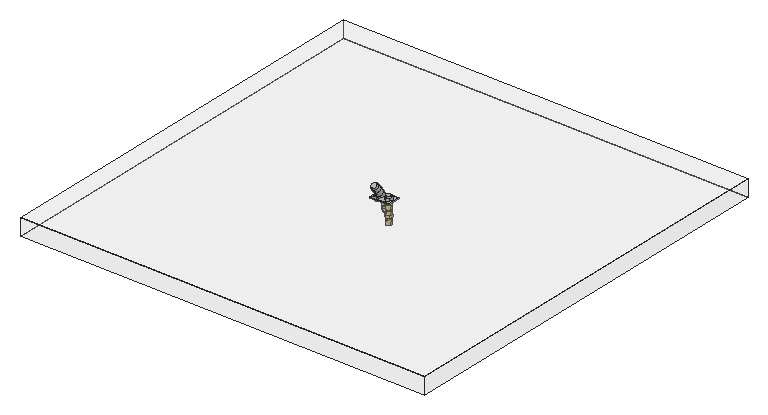
Revit family
Parameters (values of type "67CC-P")
  Weight Lbs = 4.4
  Waste Connection = no
  Rod Assembly D = 0' - 0 1/2"
  Rod Assembly C = 0' - 0 3/4"
  Rod Assembly B = Rod Assembly A + 0' 0 1/2"  # 0' - 1 1/2"
  Rod Assembly A = Wall Thickness  # 0' - 1"
  Wall Thickness = 0' - 1"
  WFU = 0
  Vent Connection = no
  URL = "http://www.woodfordmfg.com/woodford/Wall_Hydrant_Pages/model-67.html"
  Symbol Length = 0' - 9"
  Polished Brass (PB) Optional = ""
  Plate Width = 0' - 3"
  Plate Length = 0' - 4 3/8"
  Pipe Connection Radius = 0' - 0 3/8"
  Pipe Connection Diameter = Pipe Connection Radius * 2  # 0' - 0 3/4"
  Overall Hydrant Length = Wall Thickness + 0' 4"  # 0' - 5"
  Outlet = "3/4\" Male Hose Thread"
  No Lead Solder = ""
  Model = "67CC-P"
  Max Temperature = "120º -F"
  Max Pressure = 125.00 psi
  Inlet Option = "P - 3/4\" Female Pipe Thread-Closed Coupled"
  Hydrant Specification = ""
  Hydrant & Vacuum Breaker = "Listed by IAPMO"
  Hydrant = "Field Testable"
  Manufacturer = "Woodford Manufacturing Company"
  Installation Instructions = "http://www.woodfordmfg.com/woodford/Installation/65-67%20Installation%20Instructions-2.pdf"
  HWFU = 0
  HW Connection = no
  GPM = "13 @ 100psi"
  Double Check Backflow Preventer = "ASSE 1052"
  Default Elevation = 4' - 0"
  Chrome Standard = ""
  Catalog Sheet = "http://www.woodfordmfg.com/woodford/Wall_Hyd_PDF/67CATALOG.pdf"
  CWFU = 2.5
  CW Connection = yes
  Brass Head & Inlet Castings = ""
  Brass (BR) Optional = ""
  Automatic Draining = ""
  All Brass Castings = ""
Types (13): name | Weight Lbs | Rod Assembly D | Rod Assembly C | Rod Assembly B | Rod Assembly A | Wall Thickness | Overall Hydrant Length | Model | Inlet Option
  (no name) | 4.4 | 0' - 0 1/2" | 0' - 0 3/4" | 0' - 1 1/2" | 0' - 1" | 0' - 1" | 0' - 5" | "67CC-P" | "P - 3/4\" Female Pipe Thread-Closed Coupled"
  67P-8 | 5.2 | 0' - 1 1/2" | 0' - 2" | 0' - 8 1/2" | 0' - 8" | 0' - 8" | 1' - 0" | "67P-8" | "P - 3/4\" Female Pipe Thread"
  67P-6 | 4.8 | 0' - 1 1/2" | 0' - 2" | 0' - 6 1/2" | 0' - 6" | 0' - 6" | 0' - 10" | "67P-6" | "P - 3/4\" Female Pipe Thread"
  67P-4 | 4.4 | 0' - 1 1/2" | 0' - 2" | 0' - 4 1/2" | 0' - 4" | 0' - 4" | 0' - 8" | "67P-4" | "P - 3/4\" Female Pipe Thread-Closed Coupled"
  67P-10 | 5.6 | 0' - 1 1/2" | 0' - 2" | 0' - 10 1/2" | 0' - 10" | 0' - 10" | 1' - 2" | "67P-10" | "P - 3/4\" Female Pipe Thread"
  67P-12 | 6 | 0' - 1 1/2" | 0' - 2" | 1' - 0 1/2" | 1' - 0" | 1' - 0" | 1' - 4" | "67P-12" | "P - 3/4\" Female Pipe Thread"
  67P-14 | 6.4 | 0' - 1 1/2" | 0' - 2" | 1' - 2 1/2" | 1' - 2" | 1' - 2" | 1' - 6" | "67P-14" | "P - 3/4\" Female Pipe Thread"
  67P-16 | 6.8 | 0' - 1 1/2" | 0' - 2" | 1' - 4 1/2" | 1' - 4" | 1' - 4" | 1' - 8" | "67P-16" | "P - 3/4\" Female Pipe Thread"
  67P-18 | 7.2 | 0' - 1 1/2" | 0' - 2" | 1' - 6 1/2" | 1' - 6" | 1' - 6" | 1' - 10" | "67P-18" | "P - 3/4\" Female Pipe Thread"
  67P-20 | 7.6 | 0' - 1 1/2" | 0' - 2" | 1' - 8 1/2" | 1' - 8" | 1' - 8" | 2' - 0" | "67P-20" | "P - 3/4\" Female Pipe Thread"
  67P-22 | 8 | 0' - 1 1/2" | 0' - 2" | 1' - 10 1/2" | 1' - 10" | 1' - 10" | 2' - 2" | "67P-22" | "P - 3/4\" Female Pipe Thread"
  67P-24 | 8.4 | 0' - 1 1/2" | 0' - 2" | 2' - 0 1/2" | 2' - 0" | 2' - 0" | 2' - 4" | "67P-24" | "P - 3/4\" Female Pipe Thread"
  67CC-P | 4.4 | 0' - 0 1/2" | 0' - 0 3/4" | 0' - 1 1/2" | 0' - 1" | 0' - 1" | 0' - 5" | "67CC-P" | "P - 3/4\" Female Pipe Thread-Closed Coupled"
Reference planes (in)
  plane 1 "Center (Front/Back)": y = 0
  plane 2: z = 0
  plane 3 "Center (Left/Right)": x = 0
  plane 4 "Left": x = -2.1875
  plane 5 "Right": x = 2.1875
  plane 6 "Bottom": y = -1.5
  plane 7 "Top": y = 1.5
  plane 8 "Top Faceplate": z = 0.21875
  plane 9 "Right Offset": x = 1.6875
  plane 10 "Left Offset": x = -1.6875
  plane 11 "Top Nut": z = 0.71875
  plane 12 "Operating Rod Depth A": z = -1
  plane 13 "Out Right": z = -0.75
  plane 14 "Out Left": z = -0.5
  plane 15: z = -0.325
  plane 16 "Operating Rod Depth B": z = -1.5
  plane 17 "Inlet bottom nut": z = -1.75
  plane 18 "Inlet Assembly": z = -2.25
  plane 19 "Inlet Assembly Nut": z = -3
  plane 20 "Inlet Assembly Bottom Nut": z = -3.5
  plane 21 "Female Connection": z = -4
  plane 22: z = 9
  plane 23: z = -5
Forms (in)
  Extrusion 1, solid, material "Glass"
    sketch origin (0, 0, 0) x (1, 0, 0) y (0, 1, 0)
      loop
        line (-48, 48) -> (-48, -48) -> (48, -48) -> (48, 48) -> (-48, 48)
    from 0 to -4
  Extrusion 2, solid, material "Chrome", detail levels fine
    sketch origin (0, 0, 0) x (1, 0, 0) y (0, 1, 0)
      loop
        line (-2.1875, -1.5) -> (2.1875, -1.5) -> (2.1875, 1.5) -> (-2.1875, 1.5) -> (-2.1875, -1.5)
    from 0 to 0.21875
  Extrusion 3, solid, material "Chrome", detail levels fine
    sketch origin (-1.6875, 0, 0) x (0, 1, 0) y (0, 0, 1)
      loop
        line (-1.5, 0.21875) -> (-0.17611, 0.21875) -> (-0.17611, 0.4375) -> (-1.1597, 0.4375) -> (-1.44095, 0.71875) -> (-1.5, 0.71875) -> (-1.5, 0.21875)
    from 0 to 1
  Sweep 4, solid, material "Chrome", detail levels fine
    path origin (-1.1625, 0, 0) x (0, 1, 0) y (0, 0, 1)
      loop
        arc (0.31144, 0.21875) -> (0.26076, 0.51208) -> (0.1201, 0.77444) r 0.93127
    profile origin (-1.1625, 0.26076, 0.51208) x (0, -0.945519, -0.325568) y (1, 0, 0)
      loop
        circle (0, 0) r 0.78125
  Sweep 5, solid, material "Chrome", detail levels fine
    path origin (-1.1625, 0, 0) x (0, 1, 0) y (0, 0, 1)
      loop
        line (0.1201, 0.77444) -> (-0.03172, 0.97306)
    profile origin (-1.1625, 0.04419, 0.87375) x (0, -0.794484, -0.607286) y (1, 0, 0)
      loop
        circle (0, 0) r 0.5
  Sweep 6, solid, material "Chrome", detail levels fine
    path origin (-1.1625, 0, 0) x (0, 1, 0) y (0, 0, 1)
      loop
        line (-0.03172, 0.97306) -> (-0.639, 1.76754)
    profile origin (-1.1625, -0.33536, 1.3703) x (0, -0.794484, -0.607286) y (1, 0, 0)
      loop
        circle (0, 0) r 0.75
  Sweep 7, solid, material "Chrome", detail levels fine
    path origin (-1.1625, -0.60729, 0.79448) x (0, 1, 0) y (0, 0, 1)
      loop
        line (-0.639, 1.76754) -> (-0.75357, 1.91743)
    profile origin (-1.1625, -1.30357, 2.63697) x (0, -0.794484, -0.607286) y (1, 0, 0)
      loop
        circle (0, 0) r 0.5
  Sweep 8, solid, material "Chrome", detail levels fine
    path origin (-1.1625, -0.60729, 0.79448) x (0, 1, 0) y (0, 0, 1)
      loop
        line (-0.75357, 1.91743) -> (-0.95094, 2.17563)
    profile origin (-1.1625, -1.45954, 2.84101) x (0, -0.794484, -0.607286) y (1, 0, 0)
      loop
        circle (0, 0) r 0.625
  Extrusion 9, solid, material "Chrome", detail levels fine
    sketch origin (0, 0, 0.21875) x (-1, 0, 0) y (0, -1, 0)
      loop
        line (-1.02436, -0.76573) -> (-0.33622, -0.38286) -> (-0.33622, 0.38286) -> (-1.02436, 0.76573) -> (-1.6875, 0.38286) -> (-1.6875, -0.38286) -> (-1.02436, -0.76573)
    from 0 to 0.5
  Extrusion 10, solid, material "Chrome", detail levels fine
    sketch origin (0, 0, 0.71875) x (-1, 0, 0) y (0, -1, 0)
      loop
        circle (-1.02436, 0) r 0.54614
    from 0 to 0.25
  Extrusion 11, solid, material "Brass", detail levels fine
    sketch origin (0, 0, 0) x (1, 0, 0) y (0, 1, 0)
      loop
        circle (1.02436, 0) r 0.625
    from 0 to -0.75
  Extrusion 12, solid, material "Brass", detail levels fine
    sketch origin (0, 0, 0) x (1, 0, 0) y (0, 1, 0)
      loop
        circle (-0.08686, 0) r 0.4375
    from 0 to -0.5
  Extrusion 13, solid, material "Brass", detail levels fine
    sketch origin (0, 0, 0) x (1, 0, 0) y (0, 1, 0)
      loop
        arc (1.02395, -0.71363) -> (1.60463, -0.04499) -> (1.09565, 0.67972) r 0.71878
        line (1.09565, 0.67972) -> (-0.88414, 1.19681) -> (-1.9375, 1.19681) -> (-1.9375, -1.12767) -> (-1.15613, -1.12767) -> (1.02395, -0.71363)
    from 0 to -0.325
  Extrusion 14, solid, material "Brass", detail levels fine
    sketch origin (0, 0, -0.5) x (-1, 0, 0) y (0, -1, 0)
      loop
        circle (0.08686, 0) r 0.3125
    from 0 to -1
  Extrusion 15, solid, material "Brass", detail levels fine
    sketch origin (0, 0, -0.75) x (-1, 0, 0) y (0, -1, 0)
      loop
        circle (-1.02436, 0) r 0.375
    from 0 to -0.25
  Extrusion 16, solid, material "Brass", detail levels fine
    sketch origin (0, 0, -1) x (-1, 0, 0) y (0, -1, 0)
      loop
        circle (-1.02436, 0) r 0.5
    from 0 to -0.75
  Extrusion 17, solid, material "Brass", detail levels fine
    sketch origin (0, 0, -1.75) x (-1, 0, 0) y (0, -1, 0)
      loop
        circle (-1.02436, 0) r 0.375
    from 0 to -0.5
  Extrusion 18, solid, material "Brass", detail levels fine
    sketch origin (0, 0, -2.25) x (-1, 0, 0) y (0, -1, 0)
      loop
        circle (-1.02436, 0) r 0.54614
    from 0 to -0.75
  Extrusion 19, solid, material "Brass", detail levels fine
    sketch origin (0, 0, -3) x (-1, 0, 0) y (0, -1, 0)
      loop
        line (-1.02436, -0.76573) -> (-0.33622, -0.38286) -> (-0.33622, 0.38286) -> (-1.02436, 0.76573) -> (-1.6875, 0.38286) -> (-1.6875, -0.38286) -> (-1.02436, -0.76573)
    from 0 to -0.5
  Extrusion 20, solid, material "Brass", detail levels fine
    sketch origin (0, 0, -3.5) x (-1, 0, 0) y (0, -1, 0)
      loop
        circle (-1.02436, 0) r 0.375
    from 0 to -0.5
  Extrusion 21, solid, material "Brass", detail levels fine
    sketch origin (0, 0, -4) x (-1, 0, 0) y (0, -1, 0)
      loop
        circle (-1.02436, 0) r 0.60231
    from 0 to -1
  Sweep 22, solid, material "Brass", detail levels fine
    path origin (0, 0, 0) x (1, 0, 0) y (0, 0, 1)
      loop
        line (-0.094, -1.5) -> (-0.094, -1.87829)
        arc (-0.094, -1.87829) -> (0.12185, -2.39942) -> (0.64298, -2.61528) r 0.73699
    profile origin (-0.094, 0, -1.68914) x (0, -1, 0) y (1, 0, 0)
      loop
        circle (0, 0) r 0.375
  Sweep 23, solid, material "Chrome", detail levels fine
    path origin (-1.1625, -0.75911, 0.9931) x (0, 1, 0) y (0, 0, 1)
      loop
        line (0.1201, 0.77444) -> (-0.03172, 0.97306)
    profile origin (-1.1625, -0.71491, 1.86685) x (0, -0.794484, -0.607286) y (1, 0, 0)
      loop
        circle (0, 0) r 0.5
  Sweep 24, solid, material "Chrome", detail levels fine
    path origin (-1.1625, -0.6832, 0.89379) x (0, 1, 0) y (0, 0, 1)
      loop
        line (-0.10763, 1.07237) -> (-0.56309, 1.66823)
    profile origin (-1.1625, -1.01856, 2.2641) x (0, -0.794484, -0.607286) y (1, 0, 0)
      loop
        circle (0, 0) r 0.75
Lines and regions (in)
  model lines, style "Hydrant Symbol", detail levels coarse+medium
    curve 1: line (0, 0, 0) -> (0, 0, 9)
    curve 2: line (2.1875, 0, 6.25) -> (-2.1875, 0, 6.25)
Dimensions and locks (in)
  equal spacing: plane 7 "Top", plane 1 "Center (Front/Back)", plane 6 "Bottom"
  "Plate Width": plane 7 "Top" to plane 6 "Bottom"
  equal spacing: plane 4 "Left", plane 3 "Center (Left/Right)", plane 5 "Right"
  "Plate Length": plane 4 "Left" to plane 5 "Right"
  locked: plane 8 "Top Faceplate" to level at 0.21875
  locked: plane 4 "Left" to plane 10 "Left Offset" at 0.5
  locked: plane 9 "Right Offset" to plane 5 "Right" at 0.5
  "Rod Assembly C": level to plane 13 "Out Right"
  "Rod Assembly D": Extrusion 1 to plane 14 "Out Left"
  level to plane 15 = 0' - 0.325"
  "Rod Assembly B": level to plane 16 "Operating Rod Depth B"
  "Rod Assembly A": level to plane 12 "Operating Rod Depth A"
  locked: plane 12 "Operating Rod Depth A" to plane 17 "Inlet bottom nut" at 0.75
  plane 18 "Inlet Assembly" to plane 19 "Inlet Assembly Nut" = 0' - 0 3/4"
  plane 17 "Inlet bottom nut" to plane 18 "Inlet Assembly" = 0' - 0 1/2"
  plane 19 "Inlet Assembly Nut" to plane 20 "Inlet Assembly Bottom Nut" = 0' - 0 1/2"
  plane 20 "Inlet Assembly Bottom Nut" to plane 21 "Female Connection" = 0' - 0 1/2"
  "Symbol Length": Extrusion 1 to plane 22
  locked: curve 2 to plane 22 at 2.75
  plane 21 "Female Connection" to plane 23 = 0' - 1"
  level to plane 23 = 0' - 5"
  "Pipe Connection Radius": radius of Extrusion 20 sketch curve
  "Pipe Connection Radius": radius of Extrusion 17 sketch curve
  "Pipe Connection Radius": radius of Extrusion 15 sketch curve
  aligned and locked: plane 2 to Extrusion 1
  aligned and locked: level to Extrusion 1
  aligned and locked: plane 7 "Top" to Extrusion 2
  aligned and locked: plane 6 "Bottom" to Extrusion 2
  aligned and locked: plane 5 "Right" to Extrusion 2
  aligned and locked: plane 4 "Left" to Extrusion 2
  aligned and locked: plane 8 "Top Faceplate" to Extrusion 2
  aligned and locked: plane 9 "Right Offset" to Extrusion 9 sketch curve
  aligned and locked: plane 11 "Top Nut" to Extrusion 9
  aligned and locked: plane 13 "Out Right" to Extrusion 11
  aligned and locked: plane 14 "Out Left" to Extrusion 12
  aligned and locked: Extrusion 13 to plane 15
  aligned and locked: Extrusion 15 to plane 12 "Operating Rod Depth A"
  aligned and locked: Extrusion 14 to plane 16 "Operating Rod Depth B"
  aligned and locked: plane 17 "Inlet bottom nut" to Extrusion 16
  aligned and locked: plane 18 "Inlet Assembly" to Extrusion 17
  aligned and locked: plane 20 "Inlet Assembly Bottom Nut" to Extrusion 19
  aligned and locked: plane 21 "Female Connection" to Extrusion 20
  aligned and locked: Extrusion 18 to plane 19 "Inlet Assembly Nut"
  aligned and locked: Sweep 22 to plane 16 "Operating Rod Depth B"
  aligned and locked: plane 16 "Operating Rod Depth B" to Sweep 22
  aligned and locked: plane 22 to curve 1
  aligned and locked: plane 23 to Extrusion 21  (x2)
  aligned and locked: plane 20 "Inlet Assembly Bottom Nut" to Extrusion 20
  aligned and locked: plane 21 "Female Connection" to Extrusion 21
Automatic sketch dimensions
  curve 2 to plane 4 "Left" = 0' - 0"
  curve 1 to plane 3 "Center (Left/Right)" = 0' - 0"
  curve 2 to plane 5 "Right" = 0' - 0"
  curve 1 to level = 0' - 0"
  Extrusion 1 sketch curve to Extrusion 1 sketch curve = 8' - 0"  (x2)
  Extrusion 2 sketch curve to plane 4 "Left" = 0' - 0"
  Extrusion 2 sketch curve to plane 5 "Right" = 0' - 0"
  Extrusion 2 sketch curve to plane 6 "Bottom" = 0' - 0"
  Extrusion 2 sketch curve to plane 7 "Top" = 0' - 0"
  Extrusion 3 sketch curve to plane 6 "Bottom" = 0' - 0"
  Extrusion 3 sketch curve to plane 11 "Top Nut" = 0' - 0"
  Extrusion 3 sketch curve to plane 8 "Top Faceplate" = 0' - 0"
  Extrusion 3 sketch curve to Extrusion 3 sketch curve = 0' - 0.05905"
  plane 6 "Bottom" to Extrusion 3 sketch curve = 0' - 0.3403"
  plane 1 "Center (Front/Back)" to Extrusion 3 sketch curve = 0' - 0.17611"
  plane 8 "Top Faceplate" to Extrusion 3 sketch curve = 0' - 0 7/32"
  Sweep 4 sketch curve to plane 8 "Top Faceplate" = 0' - 0"
  Sweep 4 sketch curve to plane 8 "Top Faceplate" = 0' - 0.00986"
  plane 1 "Center (Front/Back)" to Sweep 4 sketch curve = 0' - 0.61977"
  plane 11 "Top Nut" to Sweep 4 sketch curve = 0' - 0.05569"
  Sweep 4 sketch curve to plane 1 "Center (Front/Back)" = 0' - 0.1201"
  Sweep 4 sketch curve to profile plane = 0' - 0"  (x2)
  plane 1 "Center (Front/Back)" to Sweep 5 sketch curve = 0' - 0.03172"
  plane 11 "Top Nut" to Sweep 5 sketch curve = 0' - 0.05569"
  Sweep 5 sketch curve to plane 1 "Center (Front/Back)" = 0' - 0.1201"
  Sweep 5 sketch curve to Sweep 5 sketch curve = 0' - 0.19862"
  Sweep 5 sketch curve to profile plane = 0' - 0"  (x2)
  plane 1 "Center (Front/Back)" to Sweep 6 sketch curve = 0' - 0.639"
  plane 1 "Center (Front/Back)" to Sweep 6 sketch curve = 0' - 0.03172"
  plane 11 "Top Nut" to Sweep 6 sketch curve = 0' - 0.25431"
  Sweep 6 sketch curve to Sweep 6 sketch curve = 0' - 0.79448"
  Sweep 6 sketch curve to profile plane = 0' - 0"  (x2)
  plane 6 "Bottom" to Sweep 7 sketch curve = 0' - 0.13914"
  Sweep 7 sketch curve to Sweep 7 sketch curve = 0' - 0.11457"
  plane 11 "Top Nut" to Sweep 7 sketch curve = 0' - 1.84328"
  Sweep 7 sketch curve to Sweep 7 sketch curve = 0' - 0.14988"
  Sweep 7 sketch curve to profile plane = 0' - 0"  (x2)
  Sweep 8 sketch curve to plane 6 "Bottom" = 0' - 0.05822"
  Sweep 8 sketch curve to Sweep 8 sketch curve = 0' - 0.19737"
  plane 11 "Top Nut" to Sweep 8 sketch curve = 0' - 1.99316"
  Sweep 8 sketch curve to Sweep 8 sketch curve = 0' - 0.25821"
  Sweep 8 sketch curve to profile plane = 0' - 0"  (x2)
  Extrusion 9 sketch curve to plane 9 "Right Offset" = 0' - 0.66314"  (x2)
  plane 3 "Center (Left/Right)" to Extrusion 9 sketch curve = 0' - 0.33622"
  Extrusion 9 sketch curve to plane 7 "Top" = 0' - 0.73427"
  Extrusion 9 sketch curve to plane 1 "Center (Front/Back)" = 0' - 0.38286"  (x2)
  plane 1 "Center (Front/Back)" to Extrusion 9 sketch curve = 0' - 0.38286"  (x2)
  plane 6 "Bottom" to Extrusion 9 sketch curve = 0' - 0.73427"
  plane 1 "Center (Front/Back)" to Extrusion 10 sketch curve = 0' - 0"
  Extrusion 10 sketch curve to plane 9 "Right Offset" = 0' - 0.66314"
  plane 1 "Center (Front/Back)" to Extrusion 11 sketch curve = 0' - 0"
  Extrusion 11 sketch curve to plane 9 "Right Offset" = 0' - 0.66314"
  plane 1 "Center (Front/Back)" to Extrusion 12 sketch curve = 0' - 0"
  Extrusion 12 sketch curve to plane 3 "Center (Left/Right)" = 0' - 0.08686"
  plane 4 "Left" to Extrusion 13 sketch curve = 0' - 0 1/4"
  plane 10 "Left Offset" to Extrusion 13 sketch curve = 0' - 0.53137"
  Extrusion 13 sketch curve to plane 7 "Top" = 0' - 0.30319"
  plane 10 "Left Offset" to Extrusion 13 sketch curve = 0' - 0.80336"
  plane 1 "Center (Front/Back)" to Extrusion 13 sketch curve = 0' - 0.00805"
  Extrusion 13 sketch curve to plane 9 "Right Offset" = 0' - 0.8007"
  Extrusion 13 sketch curve to plane 9 "Right Offset" = 0' - 0.66355"
  Extrusion 13 sketch curve to plane 9 "Right Offset" = 0' - 0.59185"
  plane 1 "Center (Front/Back)" to Extrusion 13 sketch curve = 0' - 0.71363"
  plane 6 "Bottom" to Extrusion 13 sketch curve = 0' - 0.37233"
  plane 1 "Center (Front/Back)" to Extrusion 14 sketch curve = 0' - 0"
  Extrusion 14 sketch curve to plane 3 "Center (Left/Right)" = 0' - 0.08686"
  plane 1 "Center (Front/Back)" to Extrusion 15 sketch curve = 0' - 0"
  Extrusion 15 sketch curve to plane 9 "Right Offset" = 0' - 0.66314"
  plane 1 "Center (Front/Back)" to Extrusion 16 sketch curve = 0' - 0"
  Extrusion 16 sketch curve to plane 9 "Right Offset" = 0' - 0.66314"
  plane 1 "Center (Front/Back)" to Extrusion 17 sketch curve = 0' - 0"
  Extrusion 17 sketch curve to plane 9 "Right Offset" = 0' - 0.66314"
  plane 1 "Center (Front/Back)" to Extrusion 18 sketch curve = 0' - 0"
  Extrusion 18 sketch curve to plane 9 "Right Offset" = 0' - 0.66314"
  Extrusion 19 sketch curve to plane 9 "Right Offset" = 0' - 0"
  Extrusion 19 sketch curve to plane 9 "Right Offset" = 0' - 0.66314"  (x2)
  plane 3 "Center (Left/Right)" to Extrusion 19 sketch curve = 0' - 0.33622"
  Extrusion 19 sketch curve to plane 7 "Top" = 0' - 0.73427"
  Extrusion 19 sketch curve to plane 1 "Center (Front/Back)" = 0' - 0.38286"  (x2)
  plane 1 "Center (Front/Back)" to Extrusion 19 sketch curve = 0' - 0.38286"  (x2)
  plane 6 "Bottom" to Extrusion 19 sketch curve = 0' - 0.73427"
  plane 1 "Center (Front/Back)" to Extrusion 20 sketch curve = 0' - 0"
  Extrusion 20 sketch curve to plane 9 "Right Offset" = 0' - 0.66314"
  plane 1 "Center (Front/Back)" to Extrusion 21 sketch curve = 0' - 0"
  Extrusion 21 sketch curve to plane 9 "Right Offset" = 0' - 0.66314"
  Sweep 22 sketch curve to plane 16 "Operating Rod Depth B" = 0' - 0"
  Sweep 22 sketch curve to plane 3 "Center (Left/Right)" = 0' - 0.094"
  Sweep 22 sketch curve to plane 18 "Inlet Assembly" = 0' - 0.36528"
  plane 3 "Center (Left/Right)" to Sweep 22 sketch curve = 0' - 0.64298"
  plane 1 "Center (Front/Back)" to Sweep 22 sketch curve = 0' - 0"
  Sweep 22 sketch curve to profile plane = 0' - 0"
  plane 6 "Bottom" to Sweep 23 sketch curve = 0' - 0.70918"
  Sweep 23 sketch curve to Sweep 23 sketch curve = 0' - 0.15182"
  plane 11 "Top Nut" to Sweep 23 sketch curve = 0' - 1.04879"
  Sweep 23 sketch curve to Sweep 23 sketch curve = 0' - 0.19862"
  Sweep 23 sketch curve to profile plane = 0' - 0"  (x2)
  plane 6 "Bottom" to Sweep 24 sketch curve = 0' - 0.25371"
  plane 6 "Bottom" to Sweep 24 sketch curve = 0' - 0.70918"
  plane 11 "Top Nut" to Sweep 24 sketch curve = 0' - 1.24741"
  Sweep 24 sketch curve to Sweep 24 sketch curve = 0' - 0.59586"
  Sweep 24 sketch curve to profile plane = 0' - 0"  (x2)
  radius of Sweep 4 sketch curve = 0' - 0 25/32"
  radius of Sweep 5 sketch curve = 0' - 0 1/2"
  radius of Sweep 6 sketch curve = 0' - 0 3/4"
  radius of Sweep 7 sketch curve = 0' - 0 1/2"
  radius of Sweep 8 sketch curve = 0' - 0 5/8"
  radius of Extrusion 10 sketch curve = 0' - 0.54614"
  radius of Extrusion 11 sketch curve = 0' - 0 5/8"
  radius of Extrusion 12 sketch curve = 0' - 0 7/16"
  radius of Extrusion 14 sketch curve = 0' - 0 5/16"
  radius of Extrusion 16 sketch curve = 0' - 0 1/2"
  radius of Extrusion 18 sketch curve = 0' - 0.54614"
  radius of Extrusion 21 sketch curve = 0' - 0.60231"
  radius of Sweep 22 sketch curve = 0' - 0 3/8"
  radius of Sweep 23 sketch curve = 0' - 0 1/2"
  radius of Sweep 24 sketch curve = 0' - 0 3/4"
Nested families (in)
  nested 1: "Hydrant Annotation" at (0, 0, 0), type "Hydrant Annotation", detail levels coarse+medium
Connectors (in)
  piping at (1.02436, 0, -5), driven by "Pipe Connection Radius"
    settings: on Extrusion 21, index 1, connector radius 3/8", flow factor 0, pipe flow 13 GPM, pressure drop 100.00 psi, fitting loss kfactor 0, connector angle 0.00°, fixture units 0, flow configuration 1, flow direction 1, fitting loss method 4, system type 20, connector reference index -1, connector utility 0, adjustable connector no, is connector primary yes, fitting loss table "", connector description ""
Definition of nested family "Hydrant Annotation"
  Reference planes (in)
    plane 1: y = 0
    plane 2: x = 0
  Lines and regions (in)
    detail lines, style "Hydrant Symbol"
      curve 1: line (0, 0, 0) -> (0, 0.325, 0)
      curve 2: line (-0.11215, 0.22111, 0) -> (0.11215, 0.22111, 0)
      curve 3: line (-0.0625, 0, 0) -> (0.0625, 0, 0)
  Dimensions and locks (in)
    equal spacing: curve 2, plane 2, curve 2
    curve 3 to curve 3 = 0' - 0 1/8"
